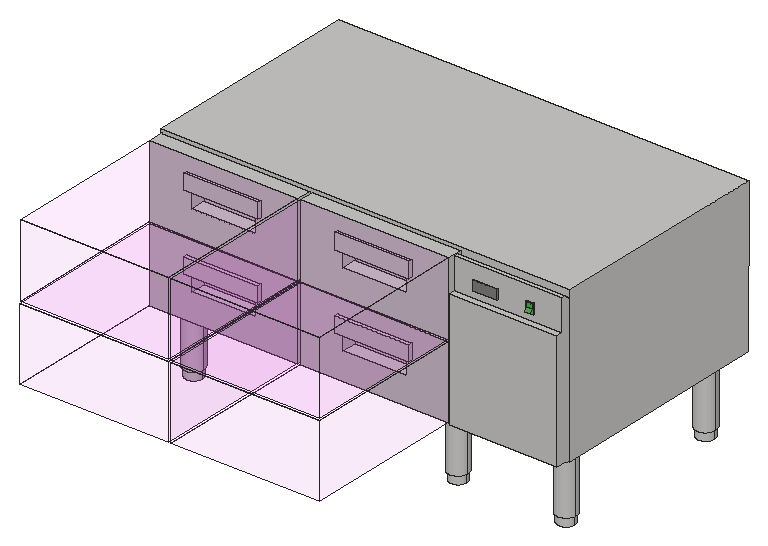
Revit family "QF_ELECTROLUXPROFESSIONAL_371295_E7TTBECOMIN", category Specialty Equipment, Revit 2018
Family settings
  Round Connector Dimension = Use Diameter
  Part Type = Normal
  Work Plane-Based = No
  Always vertical = Yes
  Cut with Voids When Loaded = No
  Shared = No
  Room Calculation Point = No
Parameters
  Weight = 95.00 kg
  Watts = 0 W
  Volts = 0 V
  URL Manufacturer = ""
  URL = ""
  Steam Supply Size = 0 mm
  Steam Supply Minimum Pressure = 0.0 Pa
  Steam Supply Maximum Pressure = 0.0 Pa
  Steam Pounds per Hour = 0
  Refrigeration Suction Line Size = 0 mm
  Refrigeration Liquid Line Size = 0 mm
  Refrigerant Compressor Remote = yes
  Manufacturer = ""
  Phase = 0
  Model = ""
  Length Actual = 1200 mm  # constant formula
  Item Number = ""
  Hot Water Size = 0 mm
  Height Actual = 600 mm  # constant formula
  HP = "0.5 HP"
  Gas Size = 0 mm
  Gas KW = 0
  Gas Input Pressure = 0 W
  Direct Waste Size = 12.7 mm
  Description = ""
  Depth Actual = 700 mm  # constant formula
  Cycle = 0 Hz
  Condensate Return Size = 0 mm
  Compressed Air Volume = 0.0 L/s
  Compressed Air Size = 0 mm
  Compressed Air Pressure = 0.0 Pa
  Cold Water Size = 0 mm
  Accessory = yes
Reference planes
  plane 1 "Center X": y = 0
  plane 2: z = 0
  plane 3 "Centro (Sinistra/Destra)": x = 0
  plane 4: z = 200
  plane 5 "TOP": z = 650
  plane 6 "BACK": y = 350
  plane 7 "FRONT": y = -350
  plane 8 "LEFT": x = -600
  plane 9 "RIGHT": x = 600
  plane 10: y = -303
  plane 11: y = -348
  plane 12: x = -545
  plane 13: x = 545
  plane 14: x = 229
  plane 15: y = 262
  plane 16: y = -249
  plane 17: x = 286
  plane 18: x = -599
  plane 19: x = 599
  plane 20: y = 190
  plane 21: x = 558
  plane 22: z = 425
  plane 23: z = 422.5
  plane 24: z = 427.5
Forms (mm)
  Extrusion 1, solid, material "QF_Finishes_Stainless Steel"
    sketch origin (0, 0, 650) x (-1, 0, 0) y (0, -1, 0)
      loop
        line (599, -350) -> (599, 303) -> (-599, 303) -> (-599, -350) -> (599, -350)
    from -450 to 0
  Extrusion 2, solid, material "QF_Finishes_Stainless Steel"
    sketch origin (200, -342.999, 0) x (-1, 0, 0) y (0, 0, 1)
      loop
        line (795, 427.5) -> (795, 640.994) -> (360.999, 640.994) -> (360.999, 427.5) -> (795, 427.5)
      loop
        line (671.3, 506.706) -> (671.3, 585) -> (484.699, 585) -> (484.699, 506.706) -> (671.3, 506.706)
    from -5.001 to 39.999
  Extrusion 3, solid, material "QF_Door-Drawer Clearances"
    sketch origin (200, -348, 0) x (1, 0, 0) y (0, 0, 1)
      loop
        line (-795, 640.994) -> (-795, 427.5) -> (-360.999, 427.5) -> (-360.999, 640.994) -> (-795, 640.994)
    from 0 to 473.5
  Extrusion 4, solid, material "QF_Finishes_Stainless Steel"
    sketch origin (598, 66.551, 0) x (0, 1, 0) y (0, 0, 1)
      loop
        line (-369.551, 629.527) -> (-386.314, 640.994) -> (-397.65, 640.994) -> (-397.65, 549.796) -> (-414.551, 549.796) -> (-414.551, 204.796) -> (-384.714, 204.796) -> (-374.993, 200) -> (-369.551, 200) -> (-369.551, 629.527)
    from 0 to -313
  Extrusion 5, solid, material "QF_Finishes_Black"
    sketch origin (582, -331.099, 630.994) x (0, 0, -1) y (1, 0, 0)
      loop
        line (32.198, -86.899) -> (61.199, -86.899) -> (61.199, -64.9) -> (32.198, -64.9) -> (32.198, -86.899)
    from 0 to 1.6
  Extrusion 6, solid, material "QF_Finishes_Grey"
    sketch origin (588, -331.099, 630.994) x (0, 0, -1) y (1, 0, 0)
      loop
        line (32.198, -248.099) -> (61.199, -248.099) -> (61.199, -178.099) -> (32.198, -178.099) -> (32.198, -248.099)
    from 0 to 1.6
  Extrusion 7, solid, material "QF_Finishes_Green"
    sketch origin (517.1, -331.099, 598.796) x (0, 0, -1) y (0, 1, 0)
      loop
        line (2.279, -3.281) -> (14.5, -3.281) -> (25.308, -8.985)
        arc (25.308, -8.985) -> (26.537, -5.394) -> (26.605, -1.6) r 12.221
        line (26.605, -1.6) -> (2.395, -1.6)
        arc (2.395, -1.6) -> (2.308, -2.439) -> (2.279, -3.281) r 12.221
    from -20 to -2
  Extrusion 8, solid, material "QF_Door-Drawer Clearances"
    sketch origin (642.001, -342.999, 0) x (1, 0, 0) y (0, 0, 1)
      loop
        line (-795, 640.994) -> (-795, 427.5) -> (-360.999, 427.5) -> (-360.999, 640.994) -> (-795, 640.994)
    from 5.001 to 478.501
  Extrusion 9, solid, material "QF_Finishes_Stainless Steel"
    sketch origin (200, -348, 0) x (1, 0, 0) y (0, 0, 1)
      loop
        line (-686.3, 598.969) -> (-686.3, 553.969) -> (-469.699, 553.969) -> (-469.699, 598.969) -> (-686.3, 598.969)
    from 0 to 10
  Extrusion 10, solid, material "QF_Finishes_Stainless Steel"
    sketch origin (642.001, -342.999, 0) x (-1, 0, 0) y (0, 0, 1)
      loop
        line (795, 427.5) -> (795, 640.994) -> (360.999, 640.994) -> (360.999, 427.5) -> (795, 427.5)
      loop
        line (671.3, 506.706) -> (671.3, 585) -> (484.699, 585) -> (484.699, 506.706) -> (671.3, 506.706)
    from -5.001 to 39.999
  Extrusion 11, solid, material "QF_Finishes_Stainless Steel"
    sketch origin (642.001, -348, 0) x (1, 0, 0) y (0, 0, 1)
      loop
        line (-686.3, 598.969) -> (-686.3, 553.969) -> (-469.699, 553.969) -> (-469.699, 598.969) -> (-686.3, 598.969)
    from 0 to 10
  Extrusion 12, solid, material "QF_Finishes_Stainless Steel"
    sketch origin (0, 0, 0) x (1, 0, 0) y (0, 1, 0)
      loop
        circle (558, 190) r 6
    from 189.987 to 200
  Extrusion 13, solid, material "QF_Finishes_Stainless Steel"
    sketch origin (200, -342.999, -218.494) x (-1, 0, 0) y (0, 0, 1)
      loop
        line (795, 427.5) -> (795, 640.994) -> (360.999, 640.994) -> (360.999, 427.5) -> (795, 427.5)
      loop
        line (671.3, 506.706) -> (671.3, 585) -> (484.699, 585) -> (484.699, 506.706) -> (671.3, 506.706)
    from -5.001 to 39.999
  Extrusion 14, solid, material "QF_Door-Drawer Clearances"
    sketch origin (200, -348, -218.494) x (1, 0, 0) y (0, 0, 1)
      loop
        line (-795, 640.994) -> (-795, 427.5) -> (-360.999, 427.5) -> (-360.999, 640.994) -> (-795, 640.994)
    from 0 to 473.5
  Extrusion 15, solid, material "QF_Finishes_Stainless Steel"
    sketch origin (200, -348, -218.494) x (1, 0, 0) y (0, 0, 1)
      loop
        line (-686.3, 598.969) -> (-686.3, 553.969) -> (-469.699, 553.969) -> (-469.699, 598.969) -> (-686.3, 598.969)
    from 0 to 10
  Extrusion 16, solid, material "QF_Door-Drawer Clearances"
    sketch origin (642.001, -342.999, -218.494) x (1, 0, 0) y (0, 0, 1)
      loop
        line (-795, 640.994) -> (-795, 427.5) -> (-360.999, 427.5) -> (-360.999, 640.994) -> (-795, 640.994)
    from 5.001 to 478.501
  Extrusion 17, solid, material "QF_Finishes_Stainless Steel"
    sketch origin (642.001, -342.999, -218.494) x (-1, 0, 0) y (0, 0, 1)
      loop
        line (795, 427.5) -> (795, 640.994) -> (360.999, 640.994) -> (360.999, 427.5) -> (795, 427.5)
      loop
        line (671.3, 506.706) -> (671.3, 585) -> (484.699, 585) -> (484.699, 506.706) -> (671.3, 506.706)
    from -5.001 to 39.999
  Extrusion 18, solid, material "QF_Finishes_Stainless Steel"
    sketch origin (642.001, -348, -218.494) x (1, 0, 0) y (0, 0, 1)
      loop
        line (-686.3, 598.969) -> (-686.3, 553.969) -> (-469.699, 553.969) -> (-469.699, 598.969) -> (-686.3, 598.969)
    from 0 to 10
Lines and regions (mm)
  Split face 1
    outline origin (588, -332.699, 630.994) x (0, 0, -1) y (1, 0, 0)
      loop
        line (37.198, -238.099) -> (52.198, -238.099) -> (52.198, -188.099) -> (37.198, -188.099) -> (37.198, -238.099)
  Split face 2
    outline origin (588, -332.699, 630.994) x (0, 0, -1) y (1, 0, 0)
      loop
        circle (44.698, -185.099) r 1.2
  Split face 3
    outline origin (588, -332.699, 630.994) x (0, 0, -1) y (1, 0, 0)
      loop
        circle (39.698, -185.099) r 1.2
  Split face 4
    outline origin (588, -332.699, 630.994) x (0, 0, -1) y (1, 0, 0)
      loop
        circle (49.698, -185.099) r 1.2
  Split face 5
    outline origin (588, -332.699, 630.994) x (0, 0, -1) y (1, 0, 0)
      loop
        circle (39.698, -241.099) r 1.2
  Split face 6
    outline origin (588, -332.699, 630.994) x (0, 0, -1) y (1, 0, 0)
      loop
        circle (44.698, -241.099) r 1.2
  Split face 7
    outline origin (588, -332.699, 630.994) x (0, 0, -1) y (1, 0, 0)
      loop
        circle (49.698, -241.099) r 1.2
  Split face 8
    outline origin (588, -332.699, 630.994) x (0, 0, -1) y (1, 0, 0)
      loop
        line (59.151, -238.099) -> (59.151, -227.099) -> (54.151, -227.099) -> (54.151, -238.099) -> (59.151, -238.099)
  Split face 9
    outline origin (588, -332.699, 630.994) x (0, 0, -1) y (1, 0, 0)
      loop
        line (54.151, -225.099) -> (59.151, -225.099) -> (59.151, -214.099) -> (54.151, -214.099) -> (54.151, -225.099)
  Split face 10
    outline origin (601, -332.699, 630.994) x (0, 0, -1) y (1, 0, 0)
      loop
        line (54.151, -225.099) -> (59.151, -225.099) -> (59.151, -214.099) -> (54.151, -214.099) -> (54.151, -225.099)
  Split face 11
    outline origin (614, -332.699, 630.994) x (0, 0, -1) y (1, 0, 0)
      loop
        line (54.151, -225.099) -> (59.151, -225.099) -> (59.151, -214.099) -> (54.151, -214.099) -> (54.151, -225.099)
  Split face 12
    outline origin (600.5, -348, 412.291) x (0, 0, -1) y (1, 0, 0)
      loop
        arc (-85.025, -282.599) -> (-81.004, -278.61) -> (-85.004, -274.599) r 4
        line (-85.004, -274.599) -> (-117.004, -274.599)
        arc (-117.004, -274.599) -> (-121.004, -278.61) -> (-116.984, -282.599) r 4
        line (-116.984, -282.599) -> (-85.025, -282.599)
  Split face 13
    outline origin (612.5, -348, 412.291) x (0, 0, -1) y (1, 0, 0)
      loop
        arc (-85.025, -282.599) -> (-81.004, -278.61) -> (-85.004, -274.599) r 4
        line (-85.004, -274.599) -> (-117.004, -274.599)
        arc (-117.004, -274.599) -> (-121.004, -278.61) -> (-116.984, -282.599) r 4
        line (-116.984, -282.599) -> (-85.025, -282.599)
  Split face 14
    outline origin (624.5, -348, 412.291) x (0, 0, -1) y (1, 0, 0)
      loop
        arc (-85.025, -282.599) -> (-81.004, -278.61) -> (-85.004, -274.599) r 4
        line (-85.004, -274.599) -> (-117.004, -274.599)
        arc (-117.004, -274.599) -> (-121.004, -278.61) -> (-116.984, -282.599) r 4
        line (-116.984, -282.599) -> (-85.025, -282.599)
  Split face 15
    outline origin (636.397, -348, 412.291) x (0, 0, -1) y (1, 0, 0)
      loop
        arc (-85.025, -282.599) -> (-81.004, -278.61) -> (-85.004, -274.599) r 4
        line (-85.004, -274.599) -> (-117.004, -274.599)
        arc (-117.004, -274.599) -> (-121.004, -278.61) -> (-116.984, -282.599) r 4
        line (-116.984, -282.599) -> (-85.025, -282.599)
  Split face 16
    outline origin (648.396, -348, 412.291) x (0, 0, -1) y (1, 0, 0)
      loop
        arc (-85.025, -282.599) -> (-81.004, -278.61) -> (-85.004, -274.599) r 4
        line (-85.004, -274.599) -> (-117.004, -274.599)
        arc (-117.004, -274.599) -> (-121.004, -278.61) -> (-116.984, -282.599) r 4
        line (-116.984, -282.599) -> (-85.025, -282.599)
  Split face 17
    outline origin (660.396, -348, 412.291) x (0, 0, -1) y (1, 0, 0)
      loop
        arc (-85.025, -282.599) -> (-81.004, -278.61) -> (-85.004, -274.599) r 4
        line (-85.004, -274.599) -> (-117.004, -274.599)
        arc (-117.004, -274.599) -> (-121.004, -278.61) -> (-116.984, -282.599) r 4
        line (-116.984, -282.599) -> (-85.025, -282.599)
  Split face 18
    outline origin (672.396, -348, 412.291) x (0, 0, -1) y (1, 0, 0)
      loop
        arc (-85.025, -282.599) -> (-81.004, -278.61) -> (-85.004, -274.599) r 4
        line (-85.004, -274.599) -> (-117.004, -274.599)
        arc (-117.004, -274.599) -> (-121.004, -278.61) -> (-116.984, -282.599) r 4
        line (-116.984, -282.599) -> (-85.025, -282.599)
  Split face 19
    outline origin (684.397, -348, 412.291) x (0, 0, -1) y (1, 0, 0)
      loop
        arc (-85.025, -282.599) -> (-81.004, -278.61) -> (-85.004, -274.599) r 4
        line (-85.004, -274.599) -> (-117.004, -274.599)
        arc (-117.004, -274.599) -> (-121.004, -278.61) -> (-116.984, -282.599) r 4
        line (-116.984, -282.599) -> (-85.025, -282.599)
  Split face 20
    outline origin (696.396, -348, 412.291) x (0, 0, -1) y (1, 0, 0)
      loop
        arc (-85.025, -282.599) -> (-81.004, -278.61) -> (-85.004, -274.599) r 4
        line (-85.004, -274.599) -> (-117.004, -274.599)
        arc (-117.004, -274.599) -> (-121.004, -278.61) -> (-116.984, -282.599) r 4
        line (-116.984, -282.599) -> (-85.025, -282.599)
  Split face 21
    outline origin (703.396, -348, 412.291) x (0, 0, -1) y (1, 0, 0)
      loop
        arc (-85.025, -242.399) -> (-81.004, -238.41) -> (-85.004, -234.4) r 4
        line (-85.004, -234.4) -> (-117.004, -234.4)
        arc (-117.004, -234.4) -> (-121.004, -238.41) -> (-116.984, -242.399) r 4
        line (-116.984, -242.399) -> (-85.025, -242.399)
  Split face 22
    outline origin (715.396, -348, 412.291) x (0, 0, -1) y (1, 0, 0)
      loop
        arc (-85.025, -242.399) -> (-81.004, -238.41) -> (-85.004, -234.4) r 4
        line (-85.004, -234.4) -> (-117.004, -234.4)
        arc (-117.004, -234.4) -> (-121.004, -238.41) -> (-116.984, -242.399) r 4
        line (-116.984, -242.399) -> (-85.025, -242.399)
  Split face 23
    outline origin (727.396, -348, 412.291) x (0, 0, -1) y (1, 0, 0)
      loop
        arc (-85.025, -242.399) -> (-81.004, -238.41) -> (-85.004, -234.4) r 4
        line (-85.004, -234.4) -> (-117.004, -234.4)
        arc (-117.004, -234.4) -> (-121.004, -238.41) -> (-116.984, -242.399) r 4
        line (-116.984, -242.399) -> (-85.025, -242.399)
  Split face 24
    outline origin (739.396, -348, 412.291) x (0, 0, -1) y (1, 0, 0)
      loop
        arc (-85.025, -242.399) -> (-81.004, -238.41) -> (-85.004, -234.4) r 4
        line (-85.004, -234.4) -> (-117.004, -234.4)
        arc (-117.004, -234.4) -> (-121.004, -238.41) -> (-116.984, -242.399) r 4
        line (-116.984, -242.399) -> (-85.025, -242.399)
  Split face 25
    outline origin (751.396, -348, 412.291) x (0, 0, -1) y (1, 0, 0)
      loop
        arc (-85.025, -242.399) -> (-81.004, -238.41) -> (-85.004, -234.4) r 4
        line (-85.004, -234.4) -> (-117.004, -234.4)
        arc (-117.004, -234.4) -> (-121.004, -238.41) -> (-116.984, -242.399) r 4
        line (-116.984, -242.399) -> (-85.025, -242.399)
  Split face 26
    outline origin (763.396, -348, 412.291) x (0, 0, -1) y (1, 0, 0)
      loop
        arc (-85.025, -242.399) -> (-81.004, -238.41) -> (-85.004, -234.4) r 4
        line (-85.004, -234.4) -> (-117.004, -234.4)
        arc (-117.004, -234.4) -> (-121.004, -238.41) -> (-116.984, -242.399) r 4
        line (-116.984, -242.399) -> (-85.025, -242.399)
  Split face 27
    outline origin (775.396, -348, 412.291) x (0, 0, -1) y (1, 0, 0)
      loop
        arc (-85.025, -242.399) -> (-81.004, -238.41) -> (-85.004, -234.4) r 4
        line (-85.004, -234.4) -> (-117.004, -234.4)
        arc (-117.004, -234.4) -> (-121.004, -238.41) -> (-116.984, -242.399) r 4
        line (-116.984, -242.399) -> (-85.025, -242.399)
  Split face 28
    outline origin (787.396, -348, 412.291) x (0, 0, -1) y (1, 0, 0)
      loop
        arc (-85.025, -242.399) -> (-81.004, -238.41) -> (-85.004, -234.4) r 4
        line (-85.004, -234.4) -> (-117.004, -234.4)
        arc (-117.004, -234.4) -> (-121.004, -238.41) -> (-116.984, -242.399) r 4
        line (-116.984, -242.399) -> (-85.025, -242.399)
  Split face 29
    outline origin (799.396, -348, 412.291) x (0, 0, -1) y (1, 0, 0)
      loop
        arc (-85.025, -242.399) -> (-81.004, -238.41) -> (-85.004, -234.4) r 4
        line (-85.004, -234.4) -> (-117.004, -234.4)
        arc (-117.004, -234.4) -> (-121.004, -238.41) -> (-116.984, -242.399) r 4
        line (-116.984, -242.399) -> (-85.025, -242.399)
  Split face 30
    outline origin (811.396, -348, 412.291) x (0, 0, -1) y (1, 0, 0)
      loop
        arc (-85.025, -242.399) -> (-81.004, -238.41) -> (-85.004, -234.4) r 4
        line (-85.004, -234.4) -> (-117.004, -234.4)
        arc (-117.004, -234.4) -> (-121.004, -238.41) -> (-116.984, -242.399) r 4
        line (-116.984, -242.399) -> (-85.025, -242.399)
  Split face 31
    outline origin (588.5, -348, 412.291) x (0, 0, -1) y (1, 0, 0)
      loop
        arc (-85.025, -282.599) -> (-81.004, -278.61) -> (-85.004, -274.599) r 4
        line (-85.004, -274.599) -> (-117.004, -274.599)
        arc (-117.004, -274.599) -> (-121.004, -278.61) -> (-116.984, -282.599) r 4
        line (-116.984, -282.599) -> (-85.025, -282.599)
  Split face 32
    outline origin (600.5, -348, 367.29) x (0, 0, -1) y (1, 0, 0)
      loop
        arc (-85.025, -282.599) -> (-81.004, -278.61) -> (-85.004, -274.599) r 4
        line (-85.004, -274.599) -> (-117.004, -274.599)
        arc (-117.004, -274.599) -> (-121.004, -278.61) -> (-116.984, -282.599) r 4
        line (-116.984, -282.599) -> (-85.025, -282.599)
  Split face 33
    outline origin (612.5, -348, 367.29) x (0, 0, -1) y (1, 0, 0)
      loop
        arc (-85.025, -282.599) -> (-81.004, -278.61) -> (-85.004, -274.599) r 4
        line (-85.004, -274.599) -> (-117.004, -274.599)
        arc (-117.004, -274.599) -> (-121.004, -278.61) -> (-116.984, -282.599) r 4
        line (-116.984, -282.599) -> (-85.025, -282.599)
  Split face 34
    outline origin (624.5, -348, 367.29) x (0, 0, -1) y (1, 0, 0)
      loop
        arc (-85.025, -282.599) -> (-81.004, -278.61) -> (-85.004, -274.599) r 4
        line (-85.004, -274.599) -> (-117.004, -274.599)
        arc (-117.004, -274.599) -> (-121.004, -278.61) -> (-116.984, -282.599) r 4
        line (-116.984, -282.599) -> (-85.025, -282.599)
  Split face 35
    outline origin (636.397, -348, 367.29) x (0, 0, -1) y (1, 0, 0)
      loop
        arc (-85.025, -282.599) -> (-81.004, -278.61) -> (-85.004, -274.599) r 4
        line (-85.004, -274.599) -> (-117.004, -274.599)
        arc (-117.004, -274.599) -> (-121.004, -278.61) -> (-116.984, -282.599) r 4
        line (-116.984, -282.599) -> (-85.025, -282.599)
  Split face 36
    outline origin (648.396, -348, 367.29) x (0, 0, -1) y (1, 0, 0)
      loop
        arc (-85.025, -282.599) -> (-81.004, -278.61) -> (-85.004, -274.599) r 4
        line (-85.004, -274.599) -> (-117.004, -274.599)
        arc (-117.004, -274.599) -> (-121.004, -278.61) -> (-116.984, -282.599) r 4
        line (-116.984, -282.599) -> (-85.025, -282.599)
  Split face 37
    outline origin (660.396, -348, 367.29) x (0, 0, -1) y (1, 0, 0)
      loop
        arc (-85.025, -282.599) -> (-81.004, -278.61) -> (-85.004, -274.599) r 4
        line (-85.004, -274.599) -> (-117.004, -274.599)
        arc (-117.004, -274.599) -> (-121.004, -278.61) -> (-116.984, -282.599) r 4
        line (-116.984, -282.599) -> (-85.025, -282.599)
  Split face 38
    outline origin (672.396, -348, 367.29) x (0, 0, -1) y (1, 0, 0)
      loop
        arc (-85.025, -282.599) -> (-81.004, -278.61) -> (-85.004, -274.599) r 4
        line (-85.004, -274.599) -> (-117.004, -274.599)
        arc (-117.004, -274.599) -> (-121.004, -278.61) -> (-116.984, -282.599) r 4
        line (-116.984, -282.599) -> (-85.025, -282.599)
  Split face 39
    outline origin (684.397, -348, 367.29) x (0, 0, -1) y (1, 0, 0)
      loop
        arc (-85.025, -282.599) -> (-81.004, -278.61) -> (-85.004, -274.599) r 4
        line (-85.004, -274.599) -> (-117.004, -274.599)
        arc (-117.004, -274.599) -> (-121.004, -278.61) -> (-116.984, -282.599) r 4
        line (-116.984, -282.599) -> (-85.025, -282.599)
  Split face 40
    outline origin (696.396, -348, 367.29) x (0, 0, -1) y (1, 0, 0)
      loop
        arc (-85.025, -282.599) -> (-81.004, -278.61) -> (-85.004, -274.599) r 4
        line (-85.004, -274.599) -> (-117.004, -274.599)
        arc (-117.004, -274.599) -> (-121.004, -278.61) -> (-116.984, -282.599) r 4
        line (-116.984, -282.599) -> (-85.025, -282.599)
  Split face 41
    outline origin (703.396, -348, 367.29) x (0, 0, -1) y (1, 0, 0)
      loop
        arc (-85.025, -242.399) -> (-81.004, -238.41) -> (-85.004, -234.4) r 4
        line (-85.004, -234.4) -> (-117.004, -234.4)
        arc (-117.004, -234.4) -> (-121.004, -238.41) -> (-116.984, -242.399) r 4
        line (-116.984, -242.399) -> (-85.025, -242.399)
  Split face 42
    outline origin (715.396, -348, 367.29) x (0, 0, -1) y (1, 0, 0)
      loop
        arc (-85.025, -242.399) -> (-81.004, -238.41) -> (-85.004, -234.4) r 4
        line (-85.004, -234.4) -> (-117.004, -234.4)
        arc (-117.004, -234.4) -> (-121.004, -238.41) -> (-116.984, -242.399) r 4
        line (-116.984, -242.399) -> (-85.025, -242.399)
  Split face 43
    outline origin (727.396, -348, 367.29) x (0, 0, -1) y (1, 0, 0)
      loop
        arc (-85.025, -242.399) -> (-81.004, -238.41) -> (-85.004, -234.4) r 4
        line (-85.004, -234.4) -> (-117.004, -234.4)
        arc (-117.004, -234.4) -> (-121.004, -238.41) -> (-116.984, -242.399) r 4
        line (-116.984, -242.399) -> (-85.025, -242.399)
  Split face 44
    outline origin (739.396, -348, 367.29) x (0, 0, -1) y (1, 0, 0)
      loop
        arc (-85.025, -242.399) -> (-81.004, -238.41) -> (-85.004, -234.4) r 4
        line (-85.004, -234.4) -> (-117.004, -234.4)
        arc (-117.004, -234.4) -> (-121.004, -238.41) -> (-116.984, -242.399) r 4
        line (-116.984, -242.399) -> (-85.025, -242.399)
  Split face 45
    outline origin (751.396, -348, 367.29) x (0, 0, -1) y (1, 0, 0)
      loop
        arc (-85.025, -242.399) -> (-81.004, -238.41) -> (-85.004, -234.4) r 4
        line (-85.004, -234.4) -> (-117.004, -234.4)
        arc (-117.004, -234.4) -> (-121.004, -238.41) -> (-116.984, -242.399) r 4
        line (-116.984, -242.399) -> (-85.025, -242.399)
  Split face 46
    outline origin (763.396, -348, 367.29) x (0, 0, -1) y (1, 0, 0)
      loop
        arc (-85.025, -242.399) -> (-81.004, -238.41) -> (-85.004, -234.4) r 4
        line (-85.004, -234.4) -> (-117.004, -234.4)
        arc (-117.004, -234.4) -> (-121.004, -238.41) -> (-116.984, -242.399) r 4
        line (-116.984, -242.399) -> (-85.025, -242.399)
  Split face 47
    outline origin (775.396, -348, 367.29) x (0, 0, -1) y (1, 0, 0)
      loop
        arc (-85.025, -242.399) -> (-81.004, -238.41) -> (-85.004, -234.4) r 4
        line (-85.004, -234.4) -> (-117.004, -234.4)
        arc (-117.004, -234.4) -> (-121.004, -238.41) -> (-116.984, -242.399) r 4
        line (-116.984, -242.399) -> (-85.025, -242.399)
  Split face 48
    outline origin (787.396, -348, 367.29) x (0, 0, -1) y (1, 0, 0)
      loop
        arc (-85.025, -242.399) -> (-81.004, -238.41) -> (-85.004, -234.4) r 4
        line (-85.004, -234.4) -> (-117.004, -234.4)
        arc (-117.004, -234.4) -> (-121.004, -238.41) -> (-116.984, -242.399) r 4
        line (-116.984, -242.399) -> (-85.025, -242.399)
  Split face 49
    outline origin (799.396, -348, 367.29) x (0, 0, -1) y (1, 0, 0)
      loop
        arc (-85.025, -242.399) -> (-81.004, -238.41) -> (-85.004, -234.4) r 4
        line (-85.004, -234.4) -> (-117.004, -234.4)
        arc (-117.004, -234.4) -> (-121.004, -238.41) -> (-116.984, -242.399) r 4
        line (-116.984, -242.399) -> (-85.025, -242.399)
  Split face 50
    outline origin (811.396, -348, 367.29) x (0, 0, -1) y (1, 0, 0)
      loop
        arc (-85.025, -242.399) -> (-81.004, -238.41) -> (-85.004, -234.4) r 4
        line (-85.004, -234.4) -> (-117.004, -234.4)
        arc (-117.004, -234.4) -> (-121.004, -238.41) -> (-116.984, -242.399) r 4
        line (-116.984, -242.399) -> (-85.025, -242.399)
  Split face 51
    outline origin (588.5, -348, 367.29) x (0, 0, -1) y (1, 0, 0)
      loop
        arc (-85.025, -282.599) -> (-81.004, -278.61) -> (-85.004, -274.599) r 4
        line (-85.004, -274.599) -> (-117.004, -274.599)
        arc (-117.004, -274.599) -> (-121.004, -278.61) -> (-116.984, -282.599) r 4
        line (-116.984, -282.599) -> (-85.025, -282.599)
  Split face 52
    outline origin (600.5, -348, 322.29) x (0, 0, -1) y (1, 0, 0)
      loop
        arc (-85.025, -282.599) -> (-81.004, -278.61) -> (-85.004, -274.599) r 4
        line (-85.004, -274.599) -> (-117.004, -274.599)
        arc (-117.004, -274.599) -> (-121.004, -278.61) -> (-116.984, -282.599) r 4
        line (-116.984, -282.599) -> (-85.025, -282.599)
  Split face 53
    outline origin (612.5, -348, 322.29) x (0, 0, -1) y (1, 0, 0)
      loop
        arc (-85.025, -282.599) -> (-81.004, -278.61) -> (-85.004, -274.599) r 4
        line (-85.004, -274.599) -> (-117.004, -274.599)
        arc (-117.004, -274.599) -> (-121.004, -278.61) -> (-116.984, -282.599) r 4
        line (-116.984, -282.599) -> (-85.025, -282.599)
  Split face 54
    outline origin (624.5, -348, 322.29) x (0, 0, -1) y (1, 0, 0)
      loop
        arc (-85.025, -282.599) -> (-81.004, -278.61) -> (-85.004, -274.599) r 4
        line (-85.004, -274.599) -> (-117.004, -274.599)
        arc (-117.004, -274.599) -> (-121.004, -278.61) -> (-116.984, -282.599) r 4
        line (-116.984, -282.599) -> (-85.025, -282.599)
  Split face 55
    outline origin (636.397, -348, 322.29) x (0, 0, -1) y (1, 0, 0)
      loop
        arc (-85.025, -282.599) -> (-81.004, -278.61) -> (-85.004, -274.599) r 4
        line (-85.004, -274.599) -> (-117.004, -274.599)
        arc (-117.004, -274.599) -> (-121.004, -278.61) -> (-116.984, -282.599) r 4
        line (-116.984, -282.599) -> (-85.025, -282.599)
  Split face 56
    outline origin (648.396, -348, 322.29) x (0, 0, -1) y (1, 0, 0)
      loop
        arc (-85.025, -282.599) -> (-81.004, -278.61) -> (-85.004, -274.599) r 4
        line (-85.004, -274.599) -> (-117.004, -274.599)
        arc (-117.004, -274.599) -> (-121.004, -278.61) -> (-116.984, -282.599) r 4
        line (-116.984, -282.599) -> (-85.025, -282.599)
  Split face 57
    outline origin (660.396, -348, 322.29) x (0, 0, -1) y (1, 0, 0)
      loop
        arc (-85.025, -282.599) -> (-81.004, -278.61) -> (-85.004, -274.599) r 4
        line (-85.004, -274.599) -> (-117.004, -274.599)
        arc (-117.004, -274.599) -> (-121.004, -278.61) -> (-116.984, -282.599) r 4
        line (-116.984, -282.599) -> (-85.025, -282.599)
  Split face 58
    outline origin (672.396, -348, 322.29) x (0, 0, -1) y (1, 0, 0)
      loop
        arc (-85.025, -282.599) -> (-81.004, -278.61) -> (-85.004, -274.599) r 4
        line (-85.004, -274.599) -> (-117.004, -274.599)
        arc (-117.004, -274.599) -> (-121.004, -278.61) -> (-116.984, -282.599) r 4
        line (-116.984, -282.599) -> (-85.025, -282.599)
  Split face 59
    outline origin (684.397, -348, 322.29) x (0, 0, -1) y (1, 0, 0)
      loop
        arc (-85.025, -282.599) -> (-81.004, -278.61) -> (-85.004, -274.599) r 4
        line (-85.004, -274.599) -> (-117.004, -274.599)
        arc (-117.004, -274.599) -> (-121.004, -278.61) -> (-116.984, -282.599) r 4
        line (-116.984, -282.599) -> (-85.025, -282.599)
  Split face 60
    outline origin (696.396, -348, 322.29) x (0, 0, -1) y (1, 0, 0)
      loop
        arc (-85.025, -282.599) -> (-81.004, -278.61) -> (-85.004, -274.599) r 4
        line (-85.004, -274.599) -> (-117.004, -274.599)
        arc (-117.004, -274.599) -> (-121.004, -278.61) -> (-116.984, -282.599) r 4
        line (-116.984, -282.599) -> (-85.025, -282.599)
  Split face 61
    outline origin (703.396, -348, 322.29) x (0, 0, -1) y (1, 0, 0)
      loop
        arc (-85.025, -242.399) -> (-81.004, -238.41) -> (-85.004, -234.4) r 4
        line (-85.004, -234.4) -> (-117.004, -234.4)
        arc (-117.004, -234.4) -> (-121.004, -238.41) -> (-116.984, -242.399) r 4
        line (-116.984, -242.399) -> (-85.025, -242.399)
  Split face 62
    outline origin (715.396, -348, 322.29) x (0, 0, -1) y (1, 0, 0)
      loop
        arc (-85.025, -242.399) -> (-81.004, -238.41) -> (-85.004, -234.4) r 4
        line (-85.004, -234.4) -> (-117.004, -234.4)
        arc (-117.004, -234.4) -> (-121.004, -238.41) -> (-116.984, -242.399) r 4
        line (-116.984, -242.399) -> (-85.025, -242.399)
  Split face 63
    outline origin (727.396, -348, 322.29) x (0, 0, -1) y (1, 0, 0)
      loop
        arc (-85.025, -242.399) -> (-81.004, -238.41) -> (-85.004, -234.4) r 4
        line (-85.004, -234.4) -> (-117.004, -234.4)
        arc (-117.004, -234.4) -> (-121.004, -238.41) -> (-116.984, -242.399) r 4
        line (-116.984, -242.399) -> (-85.025, -242.399)
  Split face 64
    outline origin (739.396, -348, 322.29) x (0, 0, -1) y (1, 0, 0)
      loop
        arc (-85.025, -242.399) -> (-81.004, -238.41) -> (-85.004, -234.4) r 4
        line (-85.004, -234.4) -> (-117.004, -234.4)
        arc (-117.004, -234.4) -> (-121.004, -238.41) -> (-116.984, -242.399) r 4
        line (-116.984, -242.399) -> (-85.025, -242.399)
  Split face 65
    outline origin (751.396, -348, 322.29) x (0, 0, -1) y (1, 0, 0)
      loop
        arc (-85.025, -242.399) -> (-81.004, -238.41) -> (-85.004, -234.4) r 4
        line (-85.004, -234.4) -> (-117.004, -234.4)
        arc (-117.004, -234.4) -> (-121.004, -238.41) -> (-116.984, -242.399) r 4
        line (-116.984, -242.399) -> (-85.025, -242.399)
  Split face 66
    outline origin (763.396, -348, 322.29) x (0, 0, -1) y (1, 0, 0)
      loop
        arc (-85.025, -242.399) -> (-81.004, -238.41) -> (-85.004, -234.4) r 4
        line (-85.004, -234.4) -> (-117.004, -234.4)
        arc (-117.004, -234.4) -> (-121.004, -238.41) -> (-116.984, -242.399) r 4
        line (-116.984, -242.399) -> (-85.025, -242.399)
  Split face 67
    outline origin (775.396, -348, 322.29) x (0, 0, -1) y (1, 0, 0)
      loop
        arc (-85.025, -242.399) -> (-81.004, -238.41) -> (-85.004, -234.4) r 4
        line (-85.004, -234.4) -> (-117.004, -234.4)
        arc (-117.004, -234.4) -> (-121.004, -238.41) -> (-116.984, -242.399) r 4
        line (-116.984, -242.399) -> (-85.025, -242.399)
  Split face 68
    outline origin (787.396, -348, 322.29) x (0, 0, -1) y (1, 0, 0)
      loop
        arc (-85.025, -242.399) -> (-81.004, -238.41) -> (-85.004, -234.4) r 4
        line (-85.004, -234.4) -> (-117.004, -234.4)
        arc (-117.004, -234.4) -> (-121.004, -238.41) -> (-116.984, -242.399) r 4
        line (-116.984, -242.399) -> (-85.025, -242.399)
  Split face 69
    outline origin (799.396, -348, 322.29) x (0, 0, -1) y (1, 0, 0)
      loop
        arc (-85.025, -242.399) -> (-81.004, -238.41) -> (-85.004, -234.4) r 4
        line (-85.004, -234.4) -> (-117.004, -234.4)
        arc (-117.004, -234.4) -> (-121.004, -238.41) -> (-116.984, -242.399) r 4
        line (-116.984, -242.399) -> (-85.025, -242.399)
  Split face 70
    outline origin (811.396, -348, 322.29) x (0, 0, -1) y (1, 0, 0)
      loop
        arc (-85.025, -242.399) -> (-81.004, -238.41) -> (-85.004, -234.4) r 4
        line (-85.004, -234.4) -> (-117.004, -234.4)
        arc (-117.004, -234.4) -> (-121.004, -238.41) -> (-116.984, -242.399) r 4
        line (-116.984, -242.399) -> (-85.025, -242.399)
  Split face 71
    outline origin (588.5, -348, 322.29) x (0, 0, -1) y (1, 0, 0)
      loop
        arc (-85.025, -282.599) -> (-81.004, -278.61) -> (-85.004, -274.599) r 4
        line (-85.004, -274.599) -> (-117.004, -274.599)
        arc (-117.004, -274.599) -> (-121.004, -278.61) -> (-116.984, -282.599) r 4
        line (-116.984, -282.599) -> (-85.025, -282.599)
  Split face 72
    outline origin (600.5, -348, 277.29) x (0, 0, -1) y (1, 0, 0)
      loop
        arc (-85.025, -282.599) -> (-81.004, -278.61) -> (-85.004, -274.599) r 4
        line (-85.004, -274.599) -> (-117.004, -274.599)
        arc (-117.004, -274.599) -> (-121.004, -278.61) -> (-116.984, -282.599) r 4
        line (-116.984, -282.599) -> (-85.025, -282.599)
  Split face 73
    outline origin (612.5, -348, 277.29) x (0, 0, -1) y (1, 0, 0)
      loop
        arc (-85.025, -282.599) -> (-81.004, -278.61) -> (-85.004, -274.599) r 4
        line (-85.004, -274.599) -> (-117.004, -274.599)
        arc (-117.004, -274.599) -> (-121.004, -278.61) -> (-116.984, -282.599) r 4
        line (-116.984, -282.599) -> (-85.025, -282.599)
  Split face 74
    outline origin (624.5, -348, 277.29) x (0, 0, -1) y (1, 0, 0)
      loop
        arc (-85.025, -282.599) -> (-81.004, -278.61) -> (-85.004, -274.599) r 4
        line (-85.004, -274.599) -> (-117.004, -274.599)
        arc (-117.004, -274.599) -> (-121.004, -278.61) -> (-116.984, -282.599) r 4
        line (-116.984, -282.599) -> (-85.025, -282.599)
  Split face 75
    outline origin (636.397, -348, 277.29) x (0, 0, -1) y (1, 0, 0)
      loop
        arc (-85.025, -282.599) -> (-81.004, -278.61) -> (-85.004, -274.599) r 4
        line (-85.004, -274.599) -> (-117.004, -274.599)
        arc (-117.004, -274.599) -> (-121.004, -278.61) -> (-116.984, -282.599) r 4
        line (-116.984, -282.599) -> (-85.025, -282.599)
  Split face 76
    outline origin (648.396, -348, 277.29) x (0, 0, -1) y (1, 0, 0)
      loop
        arc (-85.025, -282.599) -> (-81.004, -278.61) -> (-85.004, -274.599) r 4
        line (-85.004, -274.599) -> (-117.004, -274.599)
        arc (-117.004, -274.599) -> (-121.004, -278.61) -> (-116.984, -282.599) r 4
        line (-116.984, -282.599) -> (-85.025, -282.599)
  Split face 77
    outline origin (660.396, -348, 277.29) x (0, 0, -1) y (1, 0, 0)
      loop
        arc (-85.025, -282.599) -> (-81.004, -278.61) -> (-85.004, -274.599) r 4
        line (-85.004, -274.599) -> (-117.004, -274.599)
        arc (-117.004, -274.599) -> (-121.004, -278.61) -> (-116.984, -282.599) r 4
        line (-116.984, -282.599) -> (-85.025, -282.599)
  Split face 78
    outline origin (672.396, -348, 277.29) x (0, 0, -1) y (1, 0, 0)
      loop
        arc (-85.025, -282.599) -> (-81.004, -278.61) -> (-85.004, -274.599) r 4
        line (-85.004, -274.599) -> (-117.004, -274.599)
        arc (-117.004, -274.599) -> (-121.004, -278.61) -> (-116.984, -282.599) r 4
        line (-116.984, -282.599) -> (-85.025, -282.599)
  Split face 79
    outline origin (684.397, -348, 277.29) x (0, 0, -1) y (1, 0, 0)
      loop
        arc (-85.025, -282.599) -> (-81.004, -278.61) -> (-85.004, -274.599) r 4
        line (-85.004, -274.599) -> (-117.004, -274.599)
        arc (-117.004, -274.599) -> (-121.004, -278.61) -> (-116.984, -282.599) r 4
        line (-116.984, -282.599) -> (-85.025, -282.599)
  Split face 80
    outline origin (696.396, -348, 277.29) x (0, 0, -1) y (1, 0, 0)
      loop
        arc (-85.025, -282.599) -> (-81.004, -278.61) -> (-85.004, -274.599) r 4
        line (-85.004, -274.599) -> (-117.004, -274.599)
        arc (-117.004, -274.599) -> (-121.004, -278.61) -> (-116.984, -282.599) r 4
        line (-116.984, -282.599) -> (-85.025, -282.599)
  Split face 81
    outline origin (703.396, -348, 277.29) x (0, 0, -1) y (1, 0, 0)
      loop
        arc (-85.025, -242.399) -> (-81.004, -238.41) -> (-85.004, -234.4) r 4
        line (-85.004, -234.4) -> (-117.004, -234.4)
        arc (-117.004, -234.4) -> (-121.004, -238.41) -> (-116.984, -242.399) r 4
        line (-116.984, -242.399) -> (-85.025, -242.399)
  Split face 82
    outline origin (715.396, -348, 277.29) x (0, 0, -1) y (1, 0, 0)
      loop
        arc (-85.025, -242.399) -> (-81.004, -238.41) -> (-85.004, -234.4) r 4
        line (-85.004, -234.4) -> (-117.004, -234.4)
        arc (-117.004, -234.4) -> (-121.004, -238.41) -> (-116.984, -242.399) r 4
        line (-116.984, -242.399) -> (-85.025, -242.399)
  Split face 83
    outline origin (727.396, -348, 277.29) x (0, 0, -1) y (1, 0, 0)
      loop
        arc (-85.025, -242.399) -> (-81.004, -238.41) -> (-85.004, -234.4) r 4
        line (-85.004, -234.4) -> (-117.004, -234.4)
        arc (-117.004, -234.4) -> (-121.004, -238.41) -> (-116.984, -242.399) r 4
        line (-116.984, -242.399) -> (-85.025, -242.399)
  Split face 84
    outline origin (739.396, -348, 277.29) x (0, 0, -1) y (1, 0, 0)
      loop
        arc (-85.025, -242.399) -> (-81.004, -238.41) -> (-85.004, -234.4) r 4
        line (-85.004, -234.4) -> (-117.004, -234.4)
        arc (-117.004, -234.4) -> (-121.004, -238.41) -> (-116.984, -242.399) r 4
        line (-116.984, -242.399) -> (-85.025, -242.399)
  Split face 85
    outline origin (751.396, -348, 277.29) x (0, 0, -1) y (1, 0, 0)
      loop
        arc (-85.025, -242.399) -> (-81.004, -238.41) -> (-85.004, -234.4) r 4
        line (-85.004, -234.4) -> (-117.004, -234.4)
        arc (-117.004, -234.4) -> (-121.004, -238.41) -> (-116.984, -242.399) r 4
        line (-116.984, -242.399) -> (-85.025, -242.399)
  Split face 86
    outline origin (763.396, -348, 277.29) x (0, 0, -1) y (1, 0, 0)
      loop
        arc (-85.025, -242.399) -> (-81.004, -238.41) -> (-85.004, -234.4) r 4
        line (-85.004, -234.4) -> (-117.004, -234.4)
        arc (-117.004, -234.4) -> (-121.004, -238.41) -> (-116.984, -242.399) r 4
        line (-116.984, -242.399) -> (-85.025, -242.399)
  Split face 87
    outline origin (775.396, -348, 277.29) x (0, 0, -1) y (1, 0, 0)
      loop
        arc (-85.025, -242.399) -> (-81.004, -238.41) -> (-85.004, -234.4) r 4
        line (-85.004, -234.4) -> (-117.004, -234.4)
        arc (-117.004, -234.4) -> (-121.004, -238.41) -> (-116.984, -242.399) r 4
        line (-116.984, -242.399) -> (-85.025, -242.399)
  Split face 88
    outline origin (787.396, -348, 277.29) x (0, 0, -1) y (1, 0, 0)
      loop
        arc (-85.025, -242.399) -> (-81.004, -238.41) -> (-85.004, -234.4) r 4
        line (-85.004, -234.4) -> (-117.004, -234.4)
        arc (-117.004, -234.4) -> (-121.004, -238.41) -> (-116.984, -242.399) r 4
        line (-116.984, -242.399) -> (-85.025, -242.399)
  Split face 89
    outline origin (799.396, -348, 277.29) x (0, 0, -1) y (1, 0, 0)
      loop
        arc (-85.025, -242.399) -> (-81.004, -238.41) -> (-85.004, -234.4) r 4
        line (-85.004, -234.4) -> (-117.004, -234.4)
        arc (-117.004, -234.4) -> (-121.004, -238.41) -> (-116.984, -242.399) r 4
        line (-116.984, -242.399) -> (-85.025, -242.399)
  Split face 90
    outline origin (811.396, -348, 277.29) x (0, 0, -1) y (1, 0, 0)
      loop
        arc (-85.025, -242.399) -> (-81.004, -238.41) -> (-85.004, -234.4) r 4
        line (-85.004, -234.4) -> (-117.004, -234.4)
        arc (-117.004, -234.4) -> (-121.004, -238.41) -> (-116.984, -242.399) r 4
        line (-116.984, -242.399) -> (-85.025, -242.399)
  Split face 91
    outline origin (588.5, -348, 277.29) x (0, 0, -1) y (1, 0, 0)
      loop
        arc (-85.025, -282.599) -> (-81.004, -278.61) -> (-85.004, -274.599) r 4
        line (-85.004, -274.599) -> (-117.004, -274.599)
        arc (-117.004, -274.599) -> (-121.004, -278.61) -> (-116.984, -282.599) r 4
        line (-116.984, -282.599) -> (-85.025, -282.599)
  Split face 92
    outline origin (600.5, -348, 232.29) x (0, 0, -1) y (1, 0, 0)
      loop
        arc (-85.025, -282.599) -> (-81.004, -278.61) -> (-85.004, -274.599) r 4
        line (-85.004, -274.599) -> (-117.004, -274.599)
        arc (-117.004, -274.599) -> (-121.004, -278.61) -> (-116.984, -282.599) r 4
        line (-116.984, -282.599) -> (-85.025, -282.599)
  Split face 93
    outline origin (612.5, -348, 232.29) x (0, 0, -1) y (1, 0, 0)
      loop
        arc (-85.025, -282.599) -> (-81.004, -278.61) -> (-85.004, -274.599) r 4
        line (-85.004, -274.599) -> (-117.004, -274.599)
        arc (-117.004, -274.599) -> (-121.004, -278.61) -> (-116.984, -282.599) r 4
        line (-116.984, -282.599) -> (-85.025, -282.599)
  Split face 94
    outline origin (624.5, -348, 232.29) x (0, 0, -1) y (1, 0, 0)
      loop
        arc (-85.025, -282.599) -> (-81.004, -278.61) -> (-85.004, -274.599) r 4
        line (-85.004, -274.599) -> (-117.004, -274.599)
        arc (-117.004, -274.599) -> (-121.004, -278.61) -> (-116.984, -282.599) r 4
        line (-116.984, -282.599) -> (-85.025, -282.599)
  Split face 95
    outline origin (636.397, -348, 232.29) x (0, 0, -1) y (1, 0, 0)
      loop
        arc (-85.025, -282.599) -> (-81.004, -278.61) -> (-85.004, -274.599) r 4
        line (-85.004, -274.599) -> (-117.004, -274.599)
        arc (-117.004, -274.599) -> (-121.004, -278.61) -> (-116.984, -282.599) r 4
        line (-116.984, -282.599) -> (-85.025, -282.599)
  Split face 96
    outline origin (648.396, -348, 232.29) x (0, 0, -1) y (1, 0, 0)
      loop
        arc (-85.025, -282.599) -> (-81.004, -278.61) -> (-85.004, -274.599) r 4
        line (-85.004, -274.599) -> (-117.004, -274.599)
        arc (-117.004, -274.599) -> (-121.004, -278.61) -> (-116.984, -282.599) r 4
        line (-116.984, -282.599) -> (-85.025, -282.599)
  Split face 97
    outline origin (660.396, -348, 232.29) x (0, 0, -1) y (1, 0, 0)
      loop
        arc (-85.025, -282.599) -> (-81.004, -278.61) -> (-85.004, -274.599) r 4
        line (-85.004, -274.599) -> (-117.004, -274.599)
        arc (-117.004, -274.599) -> (-121.004, -278.61) -> (-116.984, -282.599) r 4
        line (-116.984, -282.599) -> (-85.025, -282.599)
  Split face 98
    outline origin (672.396, -348, 232.29) x (0, 0, -1) y (1, 0, 0)
      loop
        arc (-85.025, -282.599) -> (-81.004, -278.61) -> (-85.004, -274.599) r 4
        line (-85.004, -274.599) -> (-117.004, -274.599)
        arc (-117.004, -274.599) -> (-121.004, -278.61) -> (-116.984, -282.599) r 4
        line (-116.984, -282.599) -> (-85.025, -282.599)
  Split face 99
    outline origin (684.397, -348, 232.29) x (0, 0, -1) y (1, 0, 0)
      loop
        arc (-85.025, -282.599) -> (-81.004, -278.61) -> (-85.004, -274.599) r 4
        line (-85.004, -274.599) -> (-117.004, -274.599)
        arc (-117.004, -274.599) -> (-121.004, -278.61) -> (-116.984, -282.599) r 4
        line (-116.984, -282.599) -> (-85.025, -282.599)
  Split face 100
    outline origin (696.396, -348, 232.29) x (0, 0, -1) y (1, 0, 0)
      loop
        arc (-85.025, -282.599) -> (-81.004, -278.61) -> (-85.004, -274.599) r 4
        line (-85.004, -274.599) -> (-117.004, -274.599)
        arc (-117.004, -274.599) -> (-121.004, -278.61) -> (-116.984, -282.599) r 4
        line (-116.984, -282.599) -> (-85.025, -282.599)
  Split face 101
    outline origin (703.396, -348, 232.29) x (0, 0, -1) y (1, 0, 0)
      loop
        arc (-85.025, -242.399) -> (-81.004, -238.41) -> (-85.004, -234.4) r 4
        line (-85.004, -234.4) -> (-117.004, -234.4)
        arc (-117.004, -234.4) -> (-121.004, -238.41) -> (-116.984, -242.399) r 4
        line (-116.984, -242.399) -> (-85.025, -242.399)
  Split face 102
    outline origin (715.396, -348, 232.29) x (0, 0, -1) y (1, 0, 0)
      loop
        arc (-85.025, -242.399) -> (-81.004, -238.41) -> (-85.004, -234.4) r 4
        line (-85.004, -234.4) -> (-117.004, -234.4)
        arc (-117.004, -234.4) -> (-121.004, -238.41) -> (-116.984, -242.399) r 4
        line (-116.984, -242.399) -> (-85.025, -242.399)
  Split face 103
    outline origin (727.396, -348, 232.29) x (0, 0, -1) y (1, 0, 0)
      loop
        arc (-85.025, -242.399) -> (-81.004, -238.41) -> (-85.004, -234.4) r 4
        line (-85.004, -234.4) -> (-117.004, -234.4)
        arc (-117.004, -234.4) -> (-121.004, -238.41) -> (-116.984, -242.399) r 4
        line (-116.984, -242.399) -> (-85.025, -242.399)
  Split face 104
    outline origin (739.396, -348, 232.29) x (0, 0, -1) y (1, 0, 0)
      loop
        arc (-85.025, -242.399) -> (-81.004, -238.41) -> (-85.004, -234.4) r 4
        line (-85.004, -234.4) -> (-117.004, -234.4)
        arc (-117.004, -234.4) -> (-121.004, -238.41) -> (-116.984, -242.399) r 4
        line (-116.984, -242.399) -> (-85.025, -242.399)
  Split face 105
    outline origin (751.396, -348, 232.29) x (0, 0, -1) y (1, 0, 0)
      loop
        arc (-85.025, -242.399) -> (-81.004, -238.41) -> (-85.004, -234.4) r 4
        line (-85.004, -234.4) -> (-117.004, -234.4)
        arc (-117.004, -234.4) -> (-121.004, -238.41) -> (-116.984, -242.399) r 4
        line (-116.984, -242.399) -> (-85.025, -242.399)
  Split face 106
    outline origin (763.396, -348, 232.29) x (0, 0, -1) y (1, 0, 0)
      loop
        arc (-85.025, -242.399) -> (-81.004, -238.41) -> (-85.004, -234.4) r 4
        line (-85.004, -234.4) -> (-117.004, -234.4)
        arc (-117.004, -234.4) -> (-121.004, -238.41) -> (-116.984, -242.399) r 4
        line (-116.984, -242.399) -> (-85.025, -242.399)
  Split face 107
    outline origin (775.396, -348, 232.29) x (0, 0, -1) y (1, 0, 0)
      loop
        arc (-85.025, -242.399) -> (-81.004, -238.41) -> (-85.004, -234.4) r 4
        line (-85.004, -234.4) -> (-117.004, -234.4)
        arc (-117.004, -234.4) -> (-121.004, -238.41) -> (-116.984, -242.399) r 4
        line (-116.984, -242.399) -> (-85.025, -242.399)
  Split face 108
    outline origin (787.396, -348, 232.29) x (0, 0, -1) y (1, 0, 0)
      loop
        arc (-85.025, -242.399) -> (-81.004, -238.41) -> (-85.004, -234.4) r 4
        line (-85.004, -234.4) -> (-117.004, -234.4)
        arc (-117.004, -234.4) -> (-121.004, -238.41) -> (-116.984, -242.399) r 4
        line (-116.984, -242.399) -> (-85.025, -242.399)
  Split face 109
    outline origin (799.396, -348, 232.29) x (0, 0, -1) y (1, 0, 0)
      loop
        arc (-85.025, -242.399) -> (-81.004, -238.41) -> (-85.004, -234.4) r 4
        line (-85.004, -234.4) -> (-117.004, -234.4)
        arc (-117.004, -234.4) -> (-121.004, -238.41) -> (-116.984, -242.399) r 4
        line (-116.984, -242.399) -> (-85.025, -242.399)
  Split face 110
    outline origin (811.396, -348, 232.29) x (0, 0, -1) y (1, 0, 0)
      loop
        arc (-85.025, -242.399) -> (-81.004, -238.41) -> (-85.004, -234.4) r 4
        line (-85.004, -234.4) -> (-117.004, -234.4)
        arc (-117.004, -234.4) -> (-121.004, -238.41) -> (-116.984, -242.399) r 4
        line (-116.984, -242.399) -> (-85.025, -242.399)
  Split face 111
    outline origin (588.5, -348, 232.29) x (0, 0, -1) y (1, 0, 0)
      loop
        arc (-85.025, -282.599) -> (-81.004, -278.61) -> (-85.004, -274.599) r 4
        line (-85.004, -274.599) -> (-117.004, -274.599)
        arc (-117.004, -274.599) -> (-121.004, -278.61) -> (-116.984, -282.599) r 4
        line (-116.984, -282.599) -> (-85.025, -282.599)
  Split face 112
    outline origin (600.5, -348, 187.29) x (0, 0, -1) y (1, 0, 0)
      loop
        arc (-85.025, -282.599) -> (-81.004, -278.61) -> (-85.004, -274.599) r 4
        line (-85.004, -274.599) -> (-117.004, -274.599)
        arc (-117.004, -274.599) -> (-121.004, -278.61) -> (-116.984, -282.599) r 4
        line (-116.984, -282.599) -> (-85.025, -282.599)
  Split face 113
    outline origin (612.5, -348, 187.29) x (0, 0, -1) y (1, 0, 0)
      loop
        arc (-85.025, -282.599) -> (-81.004, -278.61) -> (-85.004, -274.599) r 4
        line (-85.004, -274.599) -> (-117.004, -274.599)
        arc (-117.004, -274.599) -> (-121.004, -278.61) -> (-116.984, -282.599) r 4
        line (-116.984, -282.599) -> (-85.025, -282.599)
  Split face 114
    outline origin (624.5, -348, 187.29) x (0, 0, -1) y (1, 0, 0)
      loop
        arc (-85.025, -282.599) -> (-81.004, -278.61) -> (-85.004, -274.599) r 4
        line (-85.004, -274.599) -> (-117.004, -274.599)
        arc (-117.004, -274.599) -> (-121.004, -278.61) -> (-116.984, -282.599) r 4
        line (-116.984, -282.599) -> (-85.025, -282.599)
  Split face 115
    outline origin (636.397, -348, 187.29) x (0, 0, -1) y (1, 0, 0)
      loop
        arc (-85.025, -282.599) -> (-81.004, -278.61) -> (-85.004, -274.599) r 4
        line (-85.004, -274.599) -> (-117.004, -274.599)
        arc (-117.004, -274.599) -> (-121.004, -278.61) -> (-116.984, -282.599) r 4
        line (-116.984, -282.599) -> (-85.025, -282.599)
  Split face 116
    outline origin (648.396, -348, 187.29) x (0, 0, -1) y (1, 0, 0)
      loop
        arc (-85.025, -282.599) -> (-81.004, -278.61) -> (-85.004, -274.599) r 4
        line (-85.004, -274.599) -> (-117.004, -274.599)
        arc (-117.004, -274.599) -> (-121.004, -278.61) -> (-116.984, -282.599) r 4
        line (-116.984, -282.599) -> (-85.025, -282.599)
  Split face 117
    outline origin (660.396, -348, 187.29) x (0, 0, -1) y (1, 0, 0)
      loop
        arc (-85.025, -282.599) -> (-81.004, -278.61) -> (-85.004, -274.599) r 4
        line (-85.004, -274.599) -> (-117.004, -274.599)
        arc (-117.004, -274.599) -> (-121.004, -278.61) -> (-116.984, -282.599) r 4
        line (-116.984, -282.599) -> (-85.025, -282.599)
  Split face 118
    outline origin (672.396, -348, 187.29) x (0, 0, -1) y (1, 0, 0)
      loop
        arc (-85.025, -282.599) -> (-81.004, -278.61) -> (-85.004, -274.599) r 4
        line (-85.004, -274.599) -> (-117.004, -274.599)
        arc (-117.004, -274.599) -> (-121.004, -278.61) -> (-116.984, -282.599) r 4
        line (-116.984, -282.599) -> (-85.025, -282.599)
  Split face 119
    outline origin (684.397, -348, 187.29) x (0, 0, -1) y (1, 0, 0)
      loop
        arc (-85.025, -282.599) -> (-81.004, -278.61) -> (-85.004, -274.599) r 4
        line (-85.004, -274.599) -> (-117.004, -274.599)
        arc (-117.004, -274.599) -> (-121.004, -278.61) -> (-116.984, -282.599) r 4
        line (-116.984, -282.599) -> (-85.025, -282.599)
  Split face 120
    outline origin (696.396, -348, 187.29) x (0, 0, -1) y (1, 0, 0)
      loop
        arc (-85.025, -282.599) -> (-81.004, -278.61) -> (-85.004, -274.599) r 4
        line (-85.004, -274.599) -> (-117.004, -274.599)
        arc (-117.004, -274.599) -> (-121.004, -278.61) -> (-116.984, -282.599) r 4
        line (-116.984, -282.599) -> (-85.025, -282.599)
  Split face 121
    outline origin (703.396, -348, 187.29) x (0, 0, -1) y (1, 0, 0)
      loop
        arc (-85.025, -242.399) -> (-81.004, -238.41) -> (-85.004, -234.4) r 4
        line (-85.004, -234.4) -> (-117.004, -234.4)
        arc (-117.004, -234.4) -> (-121.004, -238.41) -> (-116.984, -242.399) r 4
        line (-116.984, -242.399) -> (-85.025, -242.399)
  Split face 122
    outline origin (715.396, -348, 187.29) x (0, 0, -1) y (1, 0, 0)
      loop
        arc (-85.025, -242.399) -> (-81.004, -238.41) -> (-85.004, -234.4) r 4
        line (-85.004, -234.4) -> (-117.004, -234.4)
        arc (-117.004, -234.4) -> (-121.004, -238.41) -> (-116.984, -242.399) r 4
        line (-116.984, -242.399) -> (-85.025, -242.399)
  Split face 123
    outline origin (727.396, -348, 187.29) x (0, 0, -1) y (1, 0, 0)
      loop
        arc (-85.025, -242.399) -> (-81.004, -238.41) -> (-85.004, -234.4) r 4
        line (-85.004, -234.4) -> (-117.004, -234.4)
        arc (-117.004, -234.4) -> (-121.004, -238.41) -> (-116.984, -242.399) r 4
        line (-116.984, -242.399) -> (-85.025, -242.399)
  Split face 124
    outline origin (739.396, -348, 187.29) x (0, 0, -1) y (1, 0, 0)
      loop
        arc (-85.025, -242.399) -> (-81.004, -238.41) -> (-85.004, -234.4) r 4
        line (-85.004, -234.4) -> (-117.004, -234.4)
        arc (-117.004, -234.4) -> (-121.004, -238.41) -> (-116.984, -242.399) r 4
        line (-116.984, -242.399) -> (-85.025, -242.399)
  Split face 125
    outline origin (751.396, -348, 187.29) x (0, 0, -1) y (1, 0, 0)
      loop
        arc (-85.025, -242.399) -> (-81.004, -238.41) -> (-85.004, -234.4) r 4
        line (-85.004, -234.4) -> (-117.004, -234.4)
        arc (-117.004, -234.4) -> (-121.004, -238.41) -> (-116.984, -242.399) r 4
        line (-116.984, -242.399) -> (-85.025, -242.399)
  Split face 126
    outline origin (763.396, -348, 187.29) x (0, 0, -1) y (1, 0, 0)
      loop
        arc (-85.025, -242.399) -> (-81.004, -238.41) -> (-85.004, -234.4) r 4
        line (-85.004, -234.4) -> (-117.004, -234.4)
        arc (-117.004, -234.4) -> (-121.004, -238.41) -> (-116.984, -242.399) r 4
        line (-116.984, -242.399) -> (-85.025, -242.399)
  Split face 127
    outline origin (775.396, -348, 187.29) x (0, 0, -1) y (1, 0, 0)
      loop
        arc (-85.025, -242.399) -> (-81.004, -238.41) -> (-85.004, -234.4) r 4
        line (-85.004, -234.4) -> (-117.004, -234.4)
        arc (-117.004, -234.4) -> (-121.004, -238.41) -> (-116.984, -242.399) r 4
        line (-116.984, -242.399) -> (-85.025, -242.399)
  Split face 128
    outline origin (787.396, -348, 187.29) x (0, 0, -1) y (1, 0, 0)
      loop
        arc (-85.025, -242.399) -> (-81.004, -238.41) -> (-85.004, -234.4) r 4
        line (-85.004, -234.4) -> (-117.004, -234.4)
        arc (-117.004, -234.4) -> (-121.004, -238.41) -> (-116.984, -242.399) r 4
        line (-116.984, -242.399) -> (-85.025, -242.399)
  Split face 129
    outline origin (799.396, -348, 187.29) x (0, 0, -1) y (1, 0, 0)
      loop
        arc (-85.025, -242.399) -> (-81.004, -238.41) -> (-85.004, -234.4) r 4
        line (-85.004, -234.4) -> (-117.004, -234.4)
        arc (-117.004, -234.4) -> (-121.004, -238.41) -> (-116.984, -242.399) r 4
        line (-116.984, -242.399) -> (-85.025, -242.399)
  Split face 130
    outline origin (811.396, -348, 187.29) x (0, 0, -1) y (1, 0, 0)
      loop
        arc (-85.025, -242.399) -> (-81.004, -238.41) -> (-85.004, -234.4) r 4
        line (-85.004, -234.4) -> (-117.004, -234.4)
        arc (-117.004, -234.4) -> (-121.004, -238.41) -> (-116.984, -242.399) r 4
        line (-116.984, -242.399) -> (-85.025, -242.399)
  Split face 131
    outline origin (588.5, -348, 187.29) x (0, 0, -1) y (1, 0, 0)
      loop
        arc (-85.025, -282.599) -> (-81.004, -278.61) -> (-85.004, -274.599) r 4
        line (-85.004, -274.599) -> (-117.004, -274.599)
        arc (-117.004, -274.599) -> (-121.004, -278.61) -> (-116.984, -282.599) r 4
        line (-116.984, -282.599) -> (-85.025, -282.599)
  Split face 132
    outline origin (600.5, -348, 142.29) x (0, 0, -1) y (1, 0, 0)
      loop
        arc (-85.025, -282.599) -> (-81.004, -278.61) -> (-85.004, -274.599) r 4
        line (-85.004, -274.599) -> (-117.004, -274.599)
        arc (-117.004, -274.599) -> (-121.004, -278.61) -> (-116.984, -282.599) r 4
        line (-116.984, -282.599) -> (-85.025, -282.599)
  Split face 133
    outline origin (612.5, -348, 142.29) x (0, 0, -1) y (1, 0, 0)
      loop
        arc (-85.025, -282.599) -> (-81.004, -278.61) -> (-85.004, -274.599) r 4
        line (-85.004, -274.599) -> (-117.004, -274.599)
        arc (-117.004, -274.599) -> (-121.004, -278.61) -> (-116.984, -282.599) r 4
        line (-116.984, -282.599) -> (-85.025, -282.599)
  Split face 134
    outline origin (624.5, -348, 142.29) x (0, 0, -1) y (1, 0, 0)
      loop
        arc (-85.025, -282.599) -> (-81.004, -278.61) -> (-85.004, -274.599) r 4
        line (-85.004, -274.599) -> (-117.004, -274.599)
        arc (-117.004, -274.599) -> (-121.004, -278.61) -> (-116.984, -282.599) r 4
        line (-116.984, -282.599) -> (-85.025, -282.599)
  Split face 135
    outline origin (636.397, -348, 142.29) x (0, 0, -1) y (1, 0, 0)
      loop
        arc (-85.025, -282.599) -> (-81.004, -278.61) -> (-85.004, -274.599) r 4
        line (-85.004, -274.599) -> (-117.004, -274.599)
        arc (-117.004, -274.599) -> (-121.004, -278.61) -> (-116.984, -282.599) r 4
        line (-116.984, -282.599) -> (-85.025, -282.599)
  Split face 136
    outline origin (648.396, -348, 142.29) x (0, 0, -1) y (1, 0, 0)
      loop
        arc (-85.025, -282.599) -> (-81.004, -278.61) -> (-85.004, -274.599) r 4
        line (-85.004, -274.599) -> (-117.004, -274.599)
        arc (-117.004, -274.599) -> (-121.004, -278.61) -> (-116.984, -282.599) r 4
        line (-116.984, -282.599) -> (-85.025, -282.599)
  Split face 137
    outline origin (660.396, -348, 142.29) x (0, 0, -1) y (1, 0, 0)
      loop
        arc (-85.025, -282.599) -> (-81.004, -278.61) -> (-85.004, -274.599) r 4
        line (-85.004, -274.599) -> (-117.004, -274.599)
        arc (-117.004, -274.599) -> (-121.004, -278.61) -> (-116.984, -282.599) r 4
        line (-116.984, -282.599) -> (-85.025, -282.599)
  Split face 138
    outline origin (672.396, -348, 142.29) x (0, 0, -1) y (1, 0, 0)
      loop
        arc (-85.025, -282.599) -> (-81.004, -278.61) -> (-85.004, -274.599) r 4
        line (-85.004, -274.599) -> (-117.004, -274.599)
        arc (-117.004, -274.599) -> (-121.004, -278.61) -> (-116.984, -282.599) r 4
        line (-116.984, -282.599) -> (-85.025, -282.599)
  Split face 139
    outline origin (684.397, -348, 142.29) x (0, 0, -1) y (1, 0, 0)
      loop
        arc (-85.025, -282.599) -> (-81.004, -278.61) -> (-85.004, -274.599) r 4
        line (-85.004, -274.599) -> (-117.004, -274.599)
        arc (-117.004, -274.599) -> (-121.004, -278.61) -> (-116.984, -282.599) r 4
        line (-116.984, -282.599) -> (-85.025, -282.599)
  Split face 140
    outline origin (696.396, -348, 142.29) x (0, 0, -1) y (1, 0, 0)
      loop
        arc (-85.025, -282.599) -> (-81.004, -278.61) -> (-85.004, -274.599) r 4
        line (-85.004, -274.599) -> (-117.004, -274.599)
        arc (-117.004, -274.599) -> (-121.004, -278.61) -> (-116.984, -282.599) r 4
        line (-116.984, -282.599) -> (-85.025, -282.599)
  Split face 141
    outline origin (703.396, -348, 142.29) x (0, 0, -1) y (1, 0, 0)
      loop
        arc (-85.025, -242.399) -> (-81.004, -238.41) -> (-85.004, -234.4) r 4
        line (-85.004, -234.4) -> (-117.004, -234.4)
        arc (-117.004, -234.4) -> (-121.004, -238.41) -> (-116.984, -242.399) r 4
        line (-116.984, -242.399) -> (-85.025, -242.399)
  Split face 142
    outline origin (715.396, -348, 142.29) x (0, 0, -1) y (1, 0, 0)
      loop
        arc (-85.025, -242.399) -> (-81.004, -238.41) -> (-85.004, -234.4) r 4
        line (-85.004, -234.4) -> (-117.004, -234.4)
        arc (-117.004, -234.4) -> (-121.004, -238.41) -> (-116.984, -242.399) r 4
        line (-116.984, -242.399) -> (-85.025, -242.399)
  Split face 143
    outline origin (727.396, -348, 142.29) x (0, 0, -1) y (1, 0, 0)
      loop
        arc (-85.025, -242.399) -> (-81.004, -238.41) -> (-85.004, -234.4) r 4
        line (-85.004, -234.4) -> (-117.004, -234.4)
